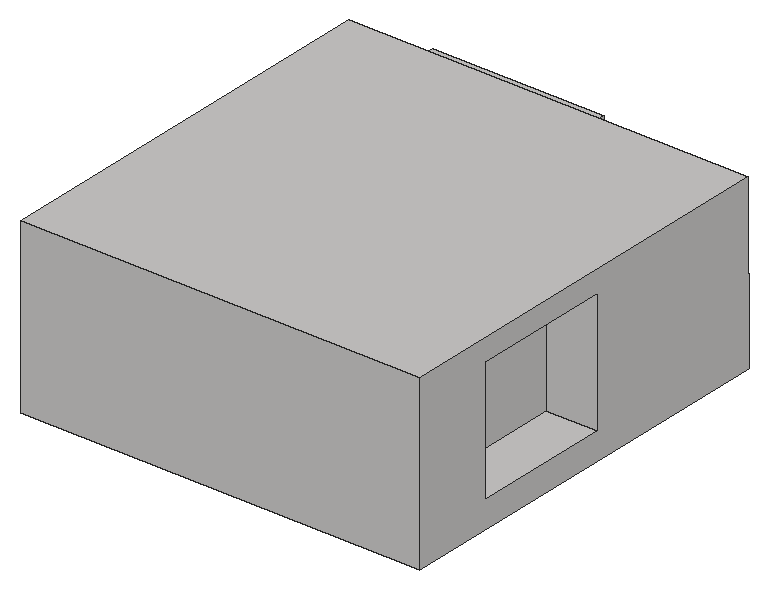
Revit family
Parameters
  Width = 4' - 0 1/8"
  Voltage = 277 V
  Unit Weight = "225.0 lbs"
  UltraLoc Liner = Choose Liner Option = 3  # no
  URL = "http://www.titus-hvac.com/"
  UL = "181"
  Supply Air Flow [instance] = 0 CFM
  SteriLoc Liner = Choose Liner Option = 2  # no
  Primary Air Pressure Drop [instance] = 0.00 in-wg
  Primary Air Flow [instance] = 0 CFM
  Plenum Air Pressure Drop [instance] = 0.00 in-wg
  Plenum Air Flow [instance] = 0 CFM
  Outlet Width = 1' - 4 1/2"
  Outlet Vertical Offset = 0' - 1 1/8"
  Outlet Horizontal Offset = 0' - 1 3/8"
  Outlet Height = 1' - 2 1/2"
  Number of Poles = 1
  Nominal Width = Width + 0' 6 1/4"  # 4' - 6 3/8"
  Nominal Length = Length + 0' 3 3/8"  # 4' - 2 1/4"
  Nominal Inlet Size = 1' - 0"
  Nominal Height = 1' - 8 1/8"
  NFPA = "90A"
  Motor Full Load Amps = 5.4 A
  Model = "DTQS"
  Min. Air Flow = 0 CFM
  Max. Air Flow = 0 CFM
  Material = Galvanized Steel
  Manufacturer = "Titus"
  Length = 3' - 10 7/8"
  Juction Box Offset = 0' - 4 7/8"
  Inlet Diameter = Nominal Inlet Size - 0' 0 1/8"  # 0' - 11 7/8"
  Induced offset = 0' - 1 1/4"
  Induced Air Inlet Offset = 0' - 4 1/2"
  Induced Air Inlet Width = 1' - 9"
  Induced Air Inlet Height = 1' - 5 1/2"
  Induced Air Filter = no
  Heating Total Capacity [instance] = 0 Btu/h
  Half Outlet Connection Width = Outlet Width / 2  # 0' - 8 1/4"
  Half Outlet Connection Height = Outlet Height / 2  # 0' - 7 1/4"
  Half Height Start = -(Nominal Height / 2)  # -0' - 10 1/16"
  Half Height End = Nominal Height / 2  # 0' - 10 1/16"
  HP-Motor = "3/4"
  Frequency = 60 Hz
  Filter Size = "27\"x20\""
  Fiber Free Liner = Choose Liner Option = 1  # no
  Fan Disconnect Switch = no
  Duct Radius = Nominal Inlet Size / 2  # 0' - 6"
  Description = "Series Fan Powered Terminal Unit, Direct Digital Control, Pressure Independent"
  Connection Void Radius = Connection Radius - 0' 0 1/4"  # 0' - 5 11/16"
  Connection Radius = Inlet Diameter / 2  # 0' - 5 15/16"
  Choose Liner Option = 0
  CADworks URL = "www.CADworks.net"
  Assembly Code = "D3040100"
  Apparent Power = Voltage * Motor Full Load Amps  # 1495.8 VA
  Air Inlet Offset = 0' - 8"
  1/2" Fiberglass Liner = Choose Liner Option = 0  # yes
Reference planes (in)
  plane 1 "Center (Front/Back)": y = 0
  plane 2: z = 0
  plane 3 "Center (Left/Right)": x = 3
  plane 4: x = -20.4375
  plane 5: x = 26.4375
  plane 6: x = -15.5625
  plane 7: x = -23.8125
  plane 8 "Center (Elevation)": z = 0
  plane 9: y = -24.0625
  plane 10: y = 24.0625
  plane 11: y = 16.0625
  plane 12: y = -19.5625
  plane 13: x = 20.4375
  plane 14: y = 30.3125
  plane 15: z = 10.0625
  plane 16: z = -10.0625
Forms (in)
  Extrusion 1, solid, material "Galvanized Steel" <- "Material"
    sketch origin (0, 0, 52) x (1, 0, 0) y (0, 1, 0)
      loop
        line (-20.4375, 24.0625) -> (-20.4375, -24.0625) -> (26.4375, -24.0625) -> (26.4375, 24.0625) -> (-20.4375, 24.0625)
    from -62.0625 <- "Half Height Start" to -41.9375 <- "Half Height End"
  Extrusion 2, solid, material "Galvanized Steel" <- "Material"
    sketch origin (3.0625, 0, -6) x (1, 0, 0) y (0, 1, 0)
      loop
        line (-18.625, 24.0625) -> (1.375, 24.0625) -> (1.375, 30.3125) -> (-18.625, 30.3125) -> (-18.625, 24.0625)
    from 0 to 12
  Extrusion 3, void
    sketch origin (26.4375, 24.0625, 53.125) x (0, 1, 0) y (0, 0, -1)
      loop
        line (-22.125, 45.5625) -> (-22.125, 60.0625) -> (-38.625, 60.0625) -> (-38.625, 45.5625) -> (-22.125, 45.5625)
    from 0 to 6
  Extrusion 4, solid, material "Galvanized Steel" <- "Material"
    sketch origin (-24.875, 0.5625, 0) x (0, 0, -1) y (0, 1, 0)
      loop
        circle (0, 15.5) r 5.9375
    from 1.0625 to 4.4375
  Extrusion 5, void
    sketch origin (-24.875, 0, 0) x (0, 1, 0) y (0, 0, 1)
      loop
        circle (16.0625, 0) r 5.6875
    from 1.0625 to 9.3125
  Extrusion 6, void
    sketch origin (-20.4375, -24.0625, 52) x (0, -1, 0) y (0, 0, -1)
      loop
        line (-25.5, 43.3125) -> (-4.5, 43.3125) -> (-4.5, 60.8125) -> (-25.5, 60.8125) -> (-25.5, 43.3125)
    from 0 to 4.875
Cuts and joins
  Extrusion 3, Extrusion 5, Extrusion 6 cuts Extrusion 1
  Extrusion 5 cuts Extrusion 4
Dimensions and locks (in)
  "Length": plane 5 to plane 4
  equal spacing: plane 5, plane 3 "Center (Left/Right)", plane 4
  locked: Extrusion 2 to plane 6 at 0
  locked: Extrusion 2 to Extrusion 2 at 20
  "Juction Box Offset": plane 6 to plane 4
  "Outlet Height": Extrusion 3 sketch curve to Extrusion 3 sketch curve
  "Outlet Width": Extrusion 3 sketch curve to Extrusion 3 sketch curve
  locked: plane 4 to plane 7 at 3.375
  "Width": plane 9 to plane 10
  equal spacing: plane 9, plane 1 "Center (Front/Back)", plane 10
  locked: Extrusion 4 sketch curve to level at 0
  locked: Extrusion 4 sketch curve to plane 11 at 0
  locked: Extrusion 5 sketch curve to level at 0
  locked: Extrusion 5 sketch curve to plane 11 at 0
  locked: Extrusion 2 to Extrusion 2 at 6.25
  "Air Inlet Offset": plane 10 to plane 11
  locked: Extrusion 2 to plane 10 at 0
  locked: cut or joined group of Extrusion 4, Extrusion 5 to plane 7 at 0
  locked: cut or joined group of Extrusion 4, Extrusion 5 to cut or joined group of Extrusion 4, Extrusion 5 at 3.375
  "Induced Air Inlet Offset": plane 9 to plane 12
  "Induced Air Inlet Width": Extrusion 6 sketch curve to Extrusion 6 sketch curve
  "Induced Air Inlet Height": Extrusion 6 sketch curve to Extrusion 6 sketch curve
  "Induced Air Inlet Offset": Extrusion 6 sketch curve to plane 9
  locked: plane 9 to Extrusion 3 sketch curve at 9.5
  cut or joined group of Extrusion 1, Extrusion 3, Extrusion 5, Extrusion 6 to Extrusion 3 sketch curve = 0' - 3 1/8"
  locked: Extrusion 2 to Extrusion 2 at 12
  equal spacing: Extrusion 2, level, Extrusion 2
  locked: cut or joined group of Extrusion 1, Extrusion 3, Extrusion 5, Extrusion 6 to cut or joined group of Extrusion 1, Extrusion 3, Extrusion 5, Extrusion 6 at 20.125
  equal spacing: cut or joined group of Extrusion 1, Extrusion 3, Extrusion 5, Extrusion 6, level, cut or joined group of Extrusion 1, Extrusion 3, Extrusion 5, Extrusion 6
  "Induced offset": Extrusion 6 sketch curve to cut or joined group of Extrusion 1, Extrusion 3, Extrusion 5, Extrusion 6
  "Connection Radius": radius of Extrusion 4 sketch curve
  "Connection Void Radius": radius of Extrusion 5 sketch curve
  aligned and locked: plane 6 to Extrusion 6
  aligned and locked: Extrusion 3 to plane 13
  aligned and locked: plane 5 to cut or joined group of Extrusion 1, Extrusion 3, Extrusion 5, Extrusion 6
  aligned and locked: cut or joined group of Extrusion 1, Extrusion 3, Extrusion 5, Extrusion 6 to plane 4
  aligned and locked: cut or joined group of Extrusion 1, Extrusion 3, Extrusion 5, Extrusion 6 to plane 10
  aligned and locked: plane 9 to cut or joined group of Extrusion 1, Extrusion 3, Extrusion 5, Extrusion 6
  aligned and locked: Extrusion 1 to Extrusion 6
  aligned and locked: Extrusion 5 to plane 7
  aligned and locked: plane 6 to Extrusion 5
Automatic sketch dimensions
  Extrusion 1 sketch curve to plane 4 = 0' - 0"
  plane 5 to Extrusion 1 sketch curve = 0' - 0"
  Extrusion 1 sketch curve to plane 9 = 0' - 0"
  Extrusion 1 sketch curve to plane 10 = 0' - 0"
  Extrusion 2 sketch curve to plane 6 = 0' - 0"
  Extrusion 2 sketch curve to plane 10 = 0' - 0"
  plane 3 "Center (Left/Right)" to Extrusion 2 sketch curve = 0' - 1 7/16"
  Extrusion 2 sketch curve to plane 10 = 0' - 6 1/4"
Connectors (in)
  electrical at (-5.5625, 30.3125, 0), driven by "Apparent Power", driven by "Voltage", driven by "Number of Poles"
    settings: on Extrusion 2, index 8
  hvac at (-23.8125, 16.0625, 0), driven by "Primary Air Flow", driven by "Duct Radius", driven by "Primary Air Pressure Drop"
    settings: on cut or joined group of Extrusion 4, Extrusion 5, index 9
  hvac at (-20.4375, -9.0625, -0.0625), driven by "Induced Air Inlet Height", driven by "Induced Air Inlet Width", driven by "Plenum Air Pressure Drop", driven by "Plenum Air Flow"
    settings: on cut or joined group of Extrusion 1, Extrusion 3, Extrusion 5, Extrusion 6, index 12
  hvac at (26.4375, -6.3125, 0.3125), driven by "Supply Air Flow", driven by "Outlet Width", driven by "Outlet Height"
    settings: on cut or joined group of Extrusion 1, Extrusion 3, Extrusion 5, Extrusion 6, index 13
